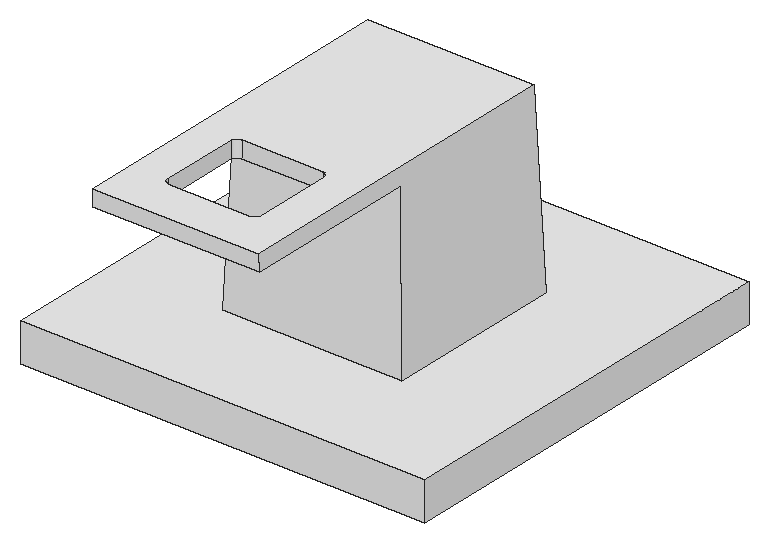
Revit family "3_Way_Diverter_Trim-Grohe-Eurocube-29217001", category Plumbing Fixtures, host Face, Revit 2018
Family settings
  Host = Face
  Round Connector Dimension = Use Diameter
  Part Type = Normal
  OmniClass Number = 23.45.05.14.17
  OmniClass Title = Showers
  Cut with Voids When Loaded = No
  Shared = Yes
  Room Calculation Point = No
Parameters (values of type "29217001")
  Width = 3 15/16"
  Waste Connection = no
  Warranty Information = "Limited Lifetime Warranty"  # constant formula
  WFU = 4  # constant formula
  Vent Connection = no
  URL = "https://www.grohe.us/"
  Type Comments = ""
  Product Page URL = "https://www.grohe.us/Bath-Shower-Trim-Kits/3-Way-Diverter-Trim/CHROME-29217001"
  Product Documentation Link = "https://americanstandard.box.com/shared/static/0tktfwb4nvzhg1rigriimyhyseat3uur.pdf"
  Price = "Prices may vary. Please consult Manufacturer Representative for most up-to-date price list."  # constant formula
  Model = "29217001"
  Material = "Metal-Grohe-001-Starlight Chrome"
  Manufacturer = "Grohe"
  Length = 2 3/16"
  Installation Type = "Wall Mounted"  # constant formula
  Height = 4 1/2"
  HWFU = 3  # constant formula
  HW Connection = yes
  Finish = Metal-Grohe-001-Starlight Chrome
  Description = "EUROCUBE 3-Way Diverter"  # constant formula
  Default Elevation = 0"
  Creation Date = "05/03/2021"  # constant formula
  CWFU = 3  # constant formula
  CW Connection = yes
  Assembly Code = "D2020300"
Reference planes (in)
  plane 1 "Center (Front/Back)": y = 0
  plane 2: z = 0
  plane 3 "Center (Left/Right)": x = 0
  plane 4: x = 1.96875
  plane 5: x = -1.96875
  plane 6: y = 1.96875
  plane 7: y = -1.96875
  plane 8: y = -2.53125
  plane 9: z = 0.375
  plane 10: z = 2.1875
Forms (in)
  Extrusion 1, solid, material "Metal-Grohe-001-Starlight Chrome" <- "Finish"
    sketch origin (0, 0, 0) x (1, 0, 0) y (0, 1, 0)
      loop
        line (-1.96875, 1.96875) -> (-1.96875, -1.96875) -> (1.96875, -1.96875) -> (1.96875, 1.96875) -> (-1.96875, 1.96875)
    from 0 to 0.375
  Blend 2, solid, material "Metal-Grohe-001-Starlight Chrome" <- "Finish"
    base sketch origin (0, 0, 0) x (1, 0, 0) y (0, 1, 0)
      loop
        line (-0.875, 0.875) -> (-0.875, -0.875) -> (0.875, -0.875) -> (0.875, 0.875) -> (-0.875, 0.875)
    top sketch origin (0, 0, 0) x (1, 0, 0) y (0, 1, 0)
      loop
        line (-0.81538, 0.8125) -> (-0.81538, -0.8113) -> (0.8125, -0.8113) -> (0.8125, 0.8125) -> (-0.81538, 0.8125)
    from 0.375 to 2.02737
  Extrusion 3, solid, material "Metal-Grohe-001-Starlight Chrome" <- "Finish"
    sketch origin (0, 0, 0) x (1, 0, 0) y (0, 0, 1)
      loop
        line (-0.81538, 2.02737) -> (0.8125, 2.02737) -> (0.80644, 2.1875) -> (-0.8096, 2.1875) -> (-0.81538, 2.02737)
    from -0.81396 to 2.53125
  Extrusion 4, void
    sketch origin (0, 0, 0) x (1, 0, 0) y (0, 1, 0)
      loop
        arc (-0.39276, -1.24252) -> (-0.43695, -1.26083) -> (-0.45526, -1.30502) r 0.0625
        line (-0.45526, -1.30502) -> (-0.45526, -2.06462)
        arc (-0.45526, -2.06462) -> (-0.43695, -2.10881) -> (-0.39276, -2.12712) r 0.0625
        line (-0.39276, -2.12712) -> (0.39276, -2.12712)
        arc (0.39276, -2.12712) -> (0.43695, -2.10881) -> (0.45526, -2.06462) r 0.0625
        line (0.45526, -2.06462) -> (0.45526, -1.30502)
        arc (0.45526, -1.30502) -> (0.43695, -1.26083) -> (0.39276, -1.24252) r 0.0625
        line (0.39276, -1.24252) -> (-0.39276, -1.24252)
    from 1.94035 to 2.29795
Cuts and joins
  Extrusion 4 cuts Extrusion 3
  joined: Blend 2, Extrusion 3
Lines and regions (in)
  Masking region 1
    outline origin (0, 0, 0) x (1, 0, 0) y (0, 0, 1)
      loop
        line (0.80644, 2.1875) -> (-0.8096, 2.1875) -> (-0.875, 0.375) -> (-1.96875, 0.375) -> (-1.96875, 0) -> (1.96875, 0) -> (1.96875, 0.375) -> (0.875, 0.375) -> (0.80644, 2.1875)
  symbolic lines, detail levels medium+fine
    curve 1: line (0.875, 0, 0.375) -> (-0.875, 0, 0.375)
Dimensions and locks (in)
  "Width": plane 5 to plane 4
  locked: plane 9 to host face at 0.375
  "Length": plane 10 to host face
  "Height": plane 8 to plane 6
  aligned and locked: plane 2 to host face
  aligned and locked: level to host face
  aligned and locked: Blend 2 to Extrusion 1
  aligned and locked: Masking region 1 sketch curve to cut or joined group of Blend 2, Extrusion 3, Extrusion 4
Automatic sketch dimensions
  host sketch curve to host sketch curve = 96"  (x2)
  Extrusion 1 sketch curve to plane 5 = 0"
  Extrusion 1 sketch curve to plane 4 = 0"
  plane 7 to Extrusion 1 sketch curve = 0"
  plane 6 to Extrusion 1 sketch curve = 0"
  Blend 2 sketch curve to plane 3 "Center (Left/Right)" = 7/8"
  plane 3 "Center (Left/Right)" to Blend 2 sketch curve = 7/8"
  plane 1 "Center (Front/Back)" to Blend 2 sketch curve = 7/8"
  Blend 2 sketch curve to plane 1 "Center (Front/Back)" = 7/8"
  Blend 2 sketch curve to plane 3 "Center (Left/Right)" = 0.81538"
  plane 3 "Center (Left/Right)" to Blend 2 sketch curve = 13/16"
  plane 1 "Center (Front/Back)" to Blend 2 sketch curve = 0.8113"
  Blend 2 sketch curve to plane 1 "Center (Front/Back)" = 13/16"
  Extrusion 3 sketch curve to plane 3 "Center (Left/Right)" = 0.81538"
  Extrusion 3 sketch curve to Extrusion 3 sketch curve = 0.00578"
  plane 3 "Center (Left/Right)" to Extrusion 3 sketch curve = 0.80644"
  Extrusion 3 sketch curve to Extrusion 3 sketch curve = 0.00606"
  level to Extrusion 3 sketch curve = 2.02737"
  Extrusion 3 sketch curve to Extrusion 3 sketch curve = 0.16013"
  plane 7 to Extrusion 4 sketch curve = 0.09587"
  Extrusion 4 sketch curve to plane 3 "Center (Left/Right)" = 0.45526"
  Extrusion 4 sketch curve to Extrusion 4 sketch curve = 1/16"  (x3)
  plane 3 "Center (Left/Right)" to Extrusion 4 sketch curve = 0.39276"  (x2)
  Extrusion 4 sketch curve to plane 7 = 0.66373"
  Masking region 1 sketch curve to plane 5 = 0"
  Masking region 1 sketch curve to plane 9 = 0"  (x2)
  Masking region 1 sketch curve to plane 4 = 0"
  Masking region 1 sketch curve to level = 0"
  plane 3 "Center (Left/Right)" to Masking region 1 sketch curve = 0.80644"
  plane 3 "Center (Left/Right)" to Masking region 1 sketch curve = 7/8"
  Masking region 1 sketch curve to plane 3 "Center (Left/Right)" = 7/8"
  Masking region 1 sketch curve to plane 3 "Center (Left/Right)" = 0.8096"
  curve 1 to plane 9 = 0"
  curve 1 to plane 3 "Center (Left/Right)" = 7/8"
  plane 3 "Center (Left/Right)" to curve 1 = 7/8"
